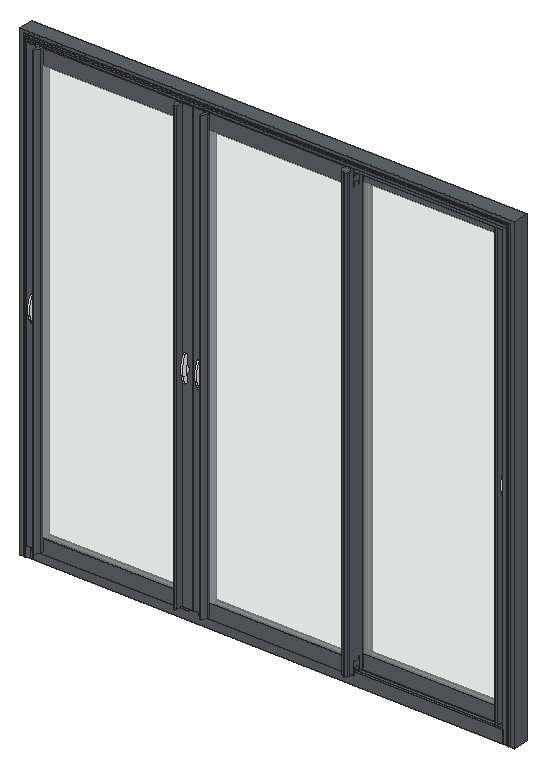
Revit family "Wicslide_65_Glass24_3_leaf_2_track_dependent", category Doors, host Wall, Revit 2014 (continued)
Definition of nested family "Leaf_Wicslide_65_2_leaf_2_track_both_sliding_or_1_fixed_1slide"
  Definition of nested family "wicona_handle_2d"
    Lines and regions (mm)
      model lines, style "PIECES", in view "Ref. Level", detail levels fine
        curve 6: line (12.052, -0.6, 0) -> (13, -0.6, 0)
        curve 7: line (8.949, -12.262, 0) -> (8.949, -8.492, 0)
        curve 8: line (-4.591, -26.312, 0) -> (4.591, -26.312, 0)
        curve 9: line (-5.814, -25, 0) -> (-6.068, -10.451, 0)
        curve 10: line (-6.068, -10.451, 0) -> (-6.221, -10.26, 0)
        curve 11: line (5.815, -24.927, 0) -> (6.068, -10.451, 0)
        curve 12: line (6.068, -10.451, 0) -> (6.221, -10.26, 0)
        curve 13: line (11.211, -7.242, 0) -> (10.341, -7.762, 0)
        curve 14: line (10.341, -7.762, 0) -> (9.463, -8.24, 0)
        curve 15: line (9.463, -8.24, 0) -> (8.565, -8.68, 0)
        curve 16: line (8.565, -8.68, 0) -> (7.649, -9.083, 0)
        curve 17: line (7.505, -9.142, 0) -> (7.006, -9.364, 0)
        curve 18: line (-13.393, -7.367, 0) -> (-13.886, -6.543, 0)
        curve 19: line (-13.886, -6.543, 0) -> (-14, 0, 0)
        curve 20: line (-14, 0, 0) -> (11.805, 0, 0)
        curve 21: line (11.805, 0, 0) -> (11.786, -1, 0)
        curve 22: line (11.786, -1, 0) -> (11.766, -2, 0)
        curve 23: line (11.766, -2, 0) -> (11.747, -2.999, 0)
        curve 24: line (11.747, -2.999, 0) -> (11.727, -3.999, 0)
        curve 25: line (11.727, -3.999, 0) -> (11.708, -4.999, 0)
        curve 26: line (11.708, -4.999, 0) -> (11.688, -5.999, 0)
        curve 27: line (11.688, -5.999, 0) -> (11.68, -6.413, 0)
        curve 28: line (12.793, -0.754, 0) -> (13.413, -1.137, 0)
        curve 29: line (13.413, -1.137, 0) -> (14.151, -1.812, 0)
        curve 30: line (14.151, -1.812, 0) -> (14.853, -2.523, 0)
        curve 31: line (14.853, -2.523, 0) -> (15.519, -3.269, 0)
        curve 32: line (15.519, -3.269, 0) -> (16.149, -4.046, 0)
        curve 33: line (16.149, -4.046, 0) -> (16.743, -4.851, 0)
        curve 34: line (16.743, -4.851, 0) -> (17.301, -5.68, 0)
        curve 35: line (17.301, -5.68, 0) -> (17.61, -6.174, 0)
        curve 36: line (12.052, -0.6, 0) -> (12.765, -0.743, 0)
        curve 37: line (17.643, -6.231, 0) -> (18.091, -7.125, 0)
        curve 38: line (18.091, -7.125, 0) -> (18.508, -8.034, 0)
        curve 39: line (18.508, -8.034, 0) -> (18.897, -8.955, 0)
        curve 40: line (18.897, -8.955, 0) -> (19.257, -9.888, 0)
        curve 41: line (19.257, -9.888, 0) -> (19.59, -10.831, 0)
        curve 42: line (19.59, -10.831, 0) -> (19.895, -11.783, 0)
        curve 43: line (19.895, -11.783, 0) -> (20.172, -12.744, 0)
        curve 44: line (20.172, -12.744, 0) -> (20.422, -13.712, 0)
        curve 45: line (20.422, -13.712, 0) -> (20.645, -14.687, 0)
        curve 46: line (20.645, -14.687, 0) -> (20.841, -15.667, 0)
        curve 47: line (20.841, -15.667, 0) -> (21.011, -16.653, 0)
        curve 48: line (21.011, -16.653, 0) -> (21.043, -16.863, 0)
        curve 49: line (21.043, -16.863, 0) -> (20.974, -17.852, 0)
        curve 50: line (20.974, -17.852, 0) -> (20.702, -18.43, 0)
        curve 51: line (20.702, -18.43, 0) -> (20.014, -19.149, 0)
        curve 52: line (20.014, -19.149, 0) -> (19.107, -19.554, 0)
        curve 53: line (19.107, -19.554, 0) -> (18.664, -19.6, 0)
        curve 54: line (18.664, -19.6, 0) -> (16.934, -19.6, 0)
        curve 55: line (16.934, -19.6, 0) -> (15.934, -19.6, 0)
        curve 56: line (15.934, -19.6, 0) -> (14.934, -19.6, 0)
        curve 57: line (14.934, -19.6, 0) -> (13.934, -19.6, 0)
        curve 58: line (13.934, -19.6, 0) -> (13.413, -19.6, 0)
        curve 59: line (13.413, -19.6, 0) -> (12.446, -19.377, 0)
        curve 60: line (12.446, -19.377, 0) -> (11.651, -18.781, 0)
        curve 61: line (11.651, -18.781, 0) -> (11.243, -18.216, 0)
        curve 62: line (11.243, -18.216, 0) -> (10.768, -17.336, 0)
        curve 63: line (10.768, -17.336, 0) -> (10.324, -16.441, 0)
        curve 64: line (10.324, -16.441, 0) -> (9.909, -15.531, 0)
        curve 65: line (9.909, -15.531, 0) -> (9.525, -14.608, 0)
        curve 66: line (9.525, -14.608, 0) -> (9.171, -13.672, 0)
        curve 67: line (9.162, -13.647, 0) -> (8.966, -12.67, 0)
        curve 68: line (8.963, -12.62, 0) -> (8.951, -12.312, 0)
        curve 69: arc (-5.814, -25, 0) -> (-5.429, -25.928, 0) -> (-4.501, -26.312, 0) r 1.312
        curve 70: arc (4.591, -26.312, 0) -> (5.454, -25.955, 0) -> (5.812, -25.091, 0) r 1.221
Definition of nested family "Leaf_Wicslide_65_Wicslide_65_3_leaf_2_track_independent_2_handle"
  Parameters (values of type "Leaf_Wicslide_65_Wicslide_65_3_leaf_2_track_independent_2_handle")
    Sash meeting 3041242 = no
    Sash meeting 3041240 = no
    Sash meeting 3041241 = yes
    Sash 1041263 = no
    Sash 1041260 = no
    Sash 1041261 = no
    Sash 1041262 = yes
    Handle Distance = if(Sash 1041260, 18 mm, if(Sash 1041261, 41 mm, if(Sash 1041262, 38 mm, 18 mm)))  # 38 mm
    Leaf Width = 896 mm
    Leaf Material = Aluminium
    Leaf Height = 1922 mm
    Handle Material = Aluminium
    Handle Height = 850 mm  # constant formula
    Glass Width = 24 mm
    Glass Offset = 46.1 mm  # constant formula
    Glass Material = WICONA -  Glass
    Glas Offset Bottom = 46.6 mm
    Frame Material = Aluminium
    Frame Bottom = 4 mm
  Reference planes
    plane 1 "Center (Front/Back)": y = 0
    plane 2: z = 0
    plane 3 "Center (Left/Right)": x = 0
    plane 4: x = 896
    plane 5: z = 1922
    plane 6: x = 46.1
    plane 7: x = 849.9
    plane 8: z = 1875.4
    plane 9: z = 46.6
    plane 10: z = 896.6
    plane 11: x = 58.1
    plane 12: y = -12.117
    plane 13: y = 11.883
    plane 14: y = 7.334
    plane 15: y = 31.334
    plane 16: x = -3.312
    plane 17: x = 883.986
    plane 18: z = 46.6
    plane 19: y = -38
    plane 20: x = 20
    plane 21: z = 960.237
    plane 22: z = 1923.516
    plane 23: x = -1.516
    plane 24: y = -21.816
    plane 25: x = 876
    plane 26: z = 4
  Forms (mm)
    Sweep 1, solid, material "Aluminium" <- "Leaf Material", visible <- "Sash 1041260"
      path origin (-1.381, 0, 34.551) x (1, 0, 0) y (0, 0, 1)
        loop
          line (0, -30.551) -> (0, 1897.949)
      profile origin (-1.381, 0, 968.25) x (-1, 0, 0) y (0, -1, 0)
        loop
          line (-59.481, -18) -> (8.519, -18) -> (8.519, -12.517) -> (-13.431, -12.517) -> (-13.431, 12.671) -> (8.519, 12.671) -> (8.519, 18) -> (-59.395, 18) -> (-59.395, 12.117) -> (-47.481, 12.117) -> (-47.481, -11.883) -> (-59.481, -11.883) -> (-59.481, -18)
    Extrusion 2, solid, material "WICONA -  Glass" <- "Glass Material", detail levels medium+fine
      sketch origin (-214.248, -550.766, -473.088) x (1, 0, 0) y (0, 0, 1)
        loop
          line (260.348, 2348.488) -> (260.348, 519.688) -> (1064.148, 519.688) -> (1064.148, 2348.488) -> (260.348, 2348.488)
      from -562.649 to -538.649
    Sweep 3, solid, material "Aluminium" <- "Leaf Material"
      path origin (0, 0, 0) x (1, 0, 0) y (0, 0, 1)
        loop
          line (12.05, 0) -> (883.986, 0)
      profile origin (448.018, 0, 0) x (0, 0, 1) y (0, -1, 0)
        loop
          line (-5.306, -16.029) -> (58.694, -16.029) -> (58.694, -11.883) -> (46.634, -11.883) -> (46.634, 12.117) -> (58.694, 12.117) -> (58.694, 16.171) -> (-5.306, 16.171) -> (-5.306, 12.671) -> (25, 12.671) -> (25, -12.517) -> (-5.306, -12.517) -> (-5.306, -16.029)
    Sweep 4, solid, material "Aluminium" <- "Leaf Material", visible <- "Sash 1041263"
      path origin (0, 0, 0) x (1, 0, 0) y (0, 0, 1)
        loop
          line (0, 4) -> (0, 1932.5)
      profile origin (0, 0, 968.25) x (-1, 0, 0) y (0, -1, 0)
        loop
          line (9.9, -18) -> (9.9, -12.517) -> (-12.05, -12.517) -> (-12.05, 12.671) -> (9.9, 12.671) -> (9.9, 18) -> (-41.1, 18) -> (-41.1, 43) -> (-42.787, 50.915) -> (-43.872, 52) -> (-47.182, 52)
          arc (-47.182, 52) -> (-54.565, 40.341) -> (-58.1, 27) r 45.352
          line (-58.1, 27) -> (-58.1, -18) -> (9.9, -18)
    Sweep 5, solid, material "Aluminium" <- "Leaf Material", visible <- "Sash 1041262"
      path origin (0, 0, 0) x (1, 0, 0) y (0, 0, 1)
        loop
          line (0, 4) -> (0, 1932.5)
      profile origin (0, 0, 968.25) x (-1, 0, 0) y (0, -1, 0)
        loop
          line (-58.1, -18) -> (9.9, -18) -> (9.9, -12.517) -> (-12.05, -12.517) -> (-12.05, 12.671) -> (9.9, 12.671) -> (9.9, 18) -> (-6.1, 18) -> (-6.1, 38) -> (-58.1, 38) -> (-58.1, 12.117) -> (-46.1, 12.117) -> (-46.1, -11.883) -> (-58.1, -11.883) -> (-58.1, -18)
    Sweep 6, solid, material "Aluminium" <- "Leaf Material", visible <- "Sash 1041261"
      path origin (0, 0, 0) x (1, 0, 0) y (0, 0, 1)
        loop
          line (0, 4) -> (0, 1932.5)
      profile origin (0, 0, 968.25) x (-1, 0, 0) y (0, -1, 0)
        loop
          line (9.9, -18) -> (9.9, -12.517) -> (-12.05, -12.517) -> (-12.05, 12.671) -> (9.9, 12.671) -> (9.9, 41) -> (-58.1, 41) -> (-58.1, 12.117) -> (-46.136, 12.117) -> (-46.136, -11.883) -> (-58.1, -11.883) -> (-58.1, -18) -> (9.9, -18)
    Sweep 7, solid, material "Aluminium" <- "Leaf Material"
      path origin (0, 0, 0) x (1, 0, 0) y (0, 0, 1)
        loop
          line (12.05, 1922) -> (883.986, 1922)
      profile origin (448.018, 0, 1922) x (0, 0, 1) y (0, -1, 0)
        loop
          line (10.5, 16.029) -> (-57.541, 16.029) -> (-57.541, 12.037) -> (-41.44, 12.037) -> (-41.44, -11.963) -> (-57.541, -11.963) -> (-57.541, -16.171) -> (10.5, -16.171) -> (10.5, -12.671) -> (-19.5, -12.671) -> (-19.5, 12.529) -> (10.5, 12.529) -> (10.5, 16.029)
    Sweep 8, solid, material "Aluminium" <- "Leaf Material", visible <- "Sash 1041261"
      path origin (935.121, 0, 0) x (-1, 0, 0) y (0, 0, 1)
        loop
          line (39.121, 4) -> (39.121, 1932.5)
      profile origin (896, 0, 968.25) x (-1, 0, 0) y (0, -1, 0)
        loop
          line (-9.936, -18.091) -> (58.064, -18.091) -> (58.064, -11.974) -> (46.1, -11.974) -> (46.1, 12.026) -> (58.064, 12.026) -> (58.064, 40.909) -> (-9.936, 40.909) -> (-9.936, 12.58) -> (12.014, 12.58) -> (12.014, -12.608) -> (-9.936, -12.608) -> (-9.936, -18.091)
    Sweep 9, solid, material "Aluminium" <- "Leaf Material", visible <- "Sash 1041262"
      path origin (896, 0, 0) x (-1, 0, 0) y (0, 0, 1)
        loop
          line (0, 4) -> (0, 1932.5)
      profile origin (896, 0, 968.25) x (-1, 0, 0) y (0, -1, 0)
        loop
          line (58.1, -18.085) -> (58.1, -11.968) -> (46.1, -11.968) -> (46.1, 12.032) -> (58.1, 12.032) -> (58.1, 37.915) -> (6.1, 37.915) -> (6.1, 17.915) -> (-9.9, 17.915) -> (-9.9, 12.586) -> (12.05, 12.586) -> (12.05, -12.602) -> (-9.9, -12.602) -> (-9.9, -18.085) -> (58.1, -18.085)
    Sweep 10, solid, material "Aluminium" <- "Leaf Material", visible <- "Sash 1041263"
      path origin (896.036, 0, 0) x (-1, 0, 0) y (0, 0, 1)
        loop
          line (0.036, 4) -> (0.036, 1932.5)
      profile origin (896, 0, 968.25) x (-1, 0, 0) y (0, -1, 0)
        loop
          line (-9.9, -18.085) -> (58.1, -18.085) -> (58.1, -11.968) -> (46.195, -11.968) -> (46.195, 12.167) -> (58.1, 12.167) -> (58.1, 26.915)
          arc (58.1, 26.915) -> (54.565, 40.255) -> (47.182, 51.915) r 45.352
          line (47.182, 51.915) -> (43.872, 51.915) -> (42.787, 50.83) -> (41.1, 42.915) -> (41.1, 17.915) -> (-9.9, 17.915) -> (-9.9, 12.586) -> (12.05, 12.586) -> (12.05, -12.602) -> (-9.9, -12.602) -> (-9.9, -18.085)
    Sweep 11, solid, material "Aluminium" <- "Leaf Material", visible <- "Sash 1041260"
      path origin (897.382, 0.085, 34.551) x (-1, 0, 0) y (0, 0, -1)
        loop
          line (1.382, 30.551) -> (1.382, -1897.949)
      profile origin (896, 0.085, 968.25) x (-1, 0, 0) y (0, -1, 0)
        loop
          line (58.064, -18) -> (58.064, -11.883) -> (46.064, -11.883) -> (46.064, 12.117) -> (57.978, 12.117) -> (57.978, 18) -> (-9.936, 18) -> (-9.936, 12.671) -> (12.014, 12.671) -> (12.014, -12.517) -> (-9.936, -12.517) -> (-9.936, -18) -> (58.064, -18)
  Lines and regions (mm)
    symbolic lines, style "GenericModel", detail levels medium+fine
      curve 1: line (62.7, 0, 0) -> (834.9, 0, 0)
      curve 2: line (0, 11.883, 1875.4) -> (0, 11.883, 46.6)
      curve 3: line (0, -12.117, 1875.4) -> (0, -12.117, 46.6)
      curve 4: line (0, 0, 1875.4) -> (0, 0, 46.6)
      curve 5: line (46.1, 0, 0) -> (849.9, 0, 0)
  Dimensions and locks
    "Leaf Width": plane 3 "Center (Left/Right)" to plane 4
    "Leaf Height": plane 5 to level
    "Glass Offset": plane 3 "Center (Left/Right)" to plane 6
    "Glass Offset": plane 7 to plane 4
    "Glas Offset Bottom": plane 5 to plane 8
    level to plane 10 = 896.6 mm
    "Glass Width": plane 15 to plane 14
    "Handle Height": plane 10 to plane 9
    "Glas Offset Bottom": plane 9 to level
    locked: plane 3 "Center (Left/Right)" to plane 16 at 3.312
    locked: plane 3 "Center (Left/Right)" to plane 20 at 20
    "Handle Distance": plane 19 to plane 1 "Center (Front/Back)"
    plane 21 to level = 960.237 mm
    plane 24 to plane 1 "Center (Front/Back)" = 21.816 mm
    locked: plane 25 to plane 4 at 20
    locked: plane 4 to plane 17 at 12.014
    "Frame Bottom": plane 26 to level
    aligned and locked: level to plane 2
    aligned and locked: plane 6 to nested 1
    aligned and locked: plane 7 to nested 1
    aligned and locked: plane 12 to nested 1
    aligned and locked: nested 2 to plane 8
    aligned and locked: nested 2 to plane 9
    aligned and locked: plane 12 to nested 2
    aligned and locked: plane 6 to curve 5
    aligned and locked: plane 7 to curve 5
    aligned and locked: plane 9 to plane 18
    aligned and locked: nested 3 to plane 3 "Center (Left/Right)"
    aligned and locked: nested 3 to plane 1 "Center (Front/Back)"
    aligned and locked: nested 4 to level
    aligned and locked: nested 4 to plane 1 "Center (Front/Back)"
    aligned and locked: nested 5 to plane 1 "Center (Front/Back)"
    aligned and locked: nested 5 to plane 3 "Center (Left/Right)"
    aligned and locked: nested 6 to plane 1 "Center (Front/Back)"
    aligned and locked: nested 6 to plane 3 "Center (Left/Right)"
    aligned and locked: nested 7 to plane 1 "Center (Front/Back)"
    aligned and locked: nested 7 to plane 3 "Center (Left/Right)"
    aligned and locked: Extrusion 2 to plane 6
    aligned and locked: plane 7 to Extrusion 2
    aligned and locked: plane 8 to Extrusion 2
    aligned and locked: Extrusion 2 to plane 9
    aligned and locked: Extrusion 2 to plane 13
    aligned and locked: plane 12 to Extrusion 2
    aligned and locked: nested 8 to plane 1 "Center (Front/Back)"
    aligned and locked: nested 7 to nested 8
    aligned and locked: plane 19 to nested 9
    aligned and locked: nested 9 to plane 20
    aligned and locked: plane 21 to nested 9
    aligned and locked: plane 5 to nested 10
    aligned and locked: plane 1 "Center (Front/Back)" to nested 10
    aligned and locked: Sweep 7 to Sweep 6 sketch curve
    aligned and locked: Sweep 7 to Sweep 5 sketch curve
    aligned and locked: Sweep 7 to Sweep 4 sketch curve
    aligned and locked: Sweep 7 to Sweep 1 sketch curve
    aligned and locked: Sweep 6 to Sweep 3 sketch curve
    aligned and locked: nested 11 to plane 19
    aligned and locked: nested 11 to plane 20
    aligned and locked: plane 4 to Sweep 8 sketch curve
    aligned and locked: plane 1 "Center (Front/Back)" to nested 17
    aligned and locked: nested 17 to plane 4
    aligned and locked: nested 15 to plane 4
    aligned and locked: plane 1 "Center (Front/Back)" to nested 15
    aligned and locked: nested 14 to plane 4
    aligned and locked: plane 1 "Center (Front/Back)" to nested 14
    aligned and locked: nested 16 to plane 4
    aligned and locked: plane 1 "Center (Front/Back)" to nested 16
    aligned and locked: nested 13 to plane 19
    aligned and locked: plane 19 to nested 12
    aligned and locked: plane 25 to nested 13
    aligned and locked: plane 25 to nested 12
    aligned and locked: plane 17 to Sweep 7 sketch curve
    aligned and locked: plane 17 to Sweep 3 sketch curve
    aligned and locked: plane 17 to Sweep 11
    aligned and locked: plane 4 to Sweep 10 sketch curve
    aligned and locked: plane 4 to Sweep 9 sketch curve
    aligned and locked: Sweep 8 sketch curve to Sweep 7
    aligned and locked: Sweep 10 to Sweep 9 sketch curve
    aligned and locked: Sweep 10 sketch curve to Sweep 7
    aligned and locked: Sweep 11 sketch curve to Sweep 7
    aligned and locked: plane 26 to Sweep 8 sketch curve
    aligned and locked: plane 26 to Sweep 11 sketch curve
    aligned and locked: plane 26 to Sweep 10 sketch curve
    aligned and locked: plane 26 to Sweep 9 sketch curve
    aligned and locked: plane 26 to Sweep 6 sketch curve
    aligned and locked: plane 26 to Sweep 5 sketch curve
    aligned and locked: plane 26 to Sweep 4 sketch curve
    aligned and locked: plane 26 to Sweep 1 sketch curve
  Automatic sketch dimensions
    curve 3 to plane 8 = 0 mm
    curve 3 to plane 12 = 0 mm
    curve 4 to plane 1 "Center (Front/Back)" = 0 mm
    curve 2 to plane 9 = 0 mm
    curve 2 to plane 13 = 0 mm
    curve 3 to plane 9 = 0 mm
    curve 4 to plane 9 = 0 mm
    curve 4 to plane 8 = 0 mm
    curve 2 to plane 8 = 0 mm
    plane 1 "Center (Front/Back)" to curve 1 = 0 mm
    plane 1 "Center (Front/Back)" to curve 5 = 0 mm
    curve 1 to plane 11 = 4.6 mm
    curve 1 to plane 7 = 15 mm
    plane 23 to Sweep 1 sketch curve = 0.135 mm
    Sweep 1 sketch curve to profile plane = 18 mm
    profile plane to Sweep 1 sketch curve = 59.481 mm
    Sweep 1 sketch curve to Sweep 1 sketch curve = 0.086 mm
    Sweep 1 sketch curve to Sweep 1 sketch curve = 11.914 mm
    profile plane to Sweep 1 sketch curve = 13.431 mm
    Sweep 1 sketch curve to profile plane = 8.519 mm  (x2)
    Sweep 1 sketch curve to Sweep 1 sketch curve = 5.483 mm
    Sweep 1 sketch curve to profile plane = 11.883 mm
    profile plane to Sweep 1 sketch curve = 12.117 mm
    profile plane to Sweep 1 sketch curve = 12.671 mm
    Sweep 1 sketch curve to Sweep 1 sketch curve = 5.329 mm
    Extrusion 2 sketch curve to plane 6 = 0 mm
    Extrusion 2 sketch curve to plane 7 = 0 mm
    Extrusion 2 sketch curve to plane 9 = 0 mm
    Extrusion 2 sketch curve to plane 8 = 0 mm
    Sweep 3 sketch curve to level = 0 mm
    profile plane to Sweep 3 sketch curve = 5.306 mm  (x2)
    Sweep 3 sketch curve to plane 18 = 21.6 mm
    plane 18 to Sweep 3 sketch curve = 0.034 mm
    plane 18 to Sweep 3 sketch curve = 12.094 mm
    Sweep 3 sketch curve to Sweep 3 sketch curve = 12.06 mm
    Sweep 3 sketch curve to plane 1 "Center (Front/Back)" = 16.029 mm
    Sweep 3 sketch curve to Sweep 3 sketch curve = 3.512 mm
    Sweep 3 sketch curve to plane 1 "Center (Front/Back)" = 11.883 mm
    plane 1 "Center (Front/Back)" to Sweep 3 sketch curve = 12.117 mm
    plane 1 "Center (Front/Back)" to Sweep 3 sketch curve = 12.671 mm
    Sweep 3 sketch curve to Sweep 3 sketch curve = 4.054 mm
    Sweep 4 sketch curve to plane 3 "Center (Left/Right)" = 0 mm
    Sweep 4 sketch curve to plane 1 "Center (Front/Back)" = 18 mm
    profile plane to Sweep 4 sketch curve = 58.1 mm
    Sweep 4 sketch curve to Sweep 4 sketch curve = 10.918 mm
    Sweep 4 sketch curve to Sweep 4 sketch curve = 3.31 mm
    Sweep 4 sketch curve to Sweep 4 sketch curve = 1.085 mm  (x2)
    Sweep 4 sketch curve to Sweep 4 sketch curve = 1.687 mm
    profile plane to Sweep 4 sketch curve = 13.004 mm
    Sweep 4 sketch curve to Sweep 4 sketch curve = 0.954 mm
    Sweep 4 sketch curve to profile plane = 9.9 mm  (x2)
    Sweep 4 sketch curve to plane 1 "Center (Front/Back)" = 12.517 mm
    plane 1 "Center (Front/Back)" to Sweep 4 sketch curve = 12.671 mm
    Sweep 4 sketch curve to Sweep 4 sketch curve = 5.329 mm
    Sweep 4 sketch curve to Sweep 4 sketch curve = 9.518 mm
    Sweep 4 sketch curve to Sweep 4 sketch curve = 9 mm  (x2)
    Sweep 5 sketch curve to plane 3 "Center (Left/Right)" = 0 mm
    Sweep 5 sketch curve to plane 1 "Center (Front/Back)" = 18 mm
    profile plane to Sweep 5 sketch curve = 58.1 mm
    Sweep 5 sketch curve to Sweep 5 sketch curve = 0 mm
    Sweep 5 sketch curve to Sweep 5 sketch curve = 12 mm
    profile plane to Sweep 5 sketch curve = 12.05 mm
    profile plane to Sweep 5 sketch curve = 6.1 mm
    Sweep 5 sketch curve to profile plane = 9.9 mm  (x2)
    Sweep 5 sketch curve to Sweep 5 sketch curve = 5.483 mm
    Sweep 5 sketch curve to Sweep 5 sketch curve = 6.117 mm
    plane 1 "Center (Front/Back)" to Sweep 5 sketch curve = 12.117 mm
    plane 1 "Center (Front/Back)" to Sweep 5 sketch curve = 12.671 mm
    Sweep 5 sketch curve to Sweep 5 sketch curve = 5.329 mm
    Sweep 5 sketch curve to Sweep 5 sketch curve = 20 mm
    Sweep 6 sketch curve to plane 3 "Center (Left/Right)" = 0 mm
    profile plane to Sweep 6 sketch curve = 58.1 mm
    Sweep 6 sketch curve to Sweep 6 sketch curve = 0 mm
    Sweep 6 sketch curve to Sweep 6 sketch curve = 11.964 mm
    profile plane to Sweep 6 sketch curve = 12.05 mm
    Sweep 6 sketch curve to profile plane = 9.9 mm  (x2)
    Sweep 6 sketch curve to plane 1 "Center (Front/Back)" = 18 mm
    Sweep 6 sketch curve to Sweep 6 sketch curve = 5.483 mm
    Sweep 6 sketch curve to plane 1 "Center (Front/Back)" = 11.883 mm
    plane 1 "Center (Front/Back)" to Sweep 6 sketch curve = 12.117 mm
    plane 1 "Center (Front/Back)" to Sweep 6 sketch curve = 12.671 mm
    Sweep 6 sketch curve to Sweep 6 sketch curve = 28.329 mm
    Sweep 7 sketch curve to plane 5 = 0 mm
    plane 20 to Sweep 7 sketch curve = 7.95 mm
    Sweep 7 sketch curve to plane 1 "Center (Front/Back)" = 16.171 mm
    profile plane to Sweep 7 sketch curve = 57.541 mm
    Sweep 7 sketch curve to Sweep 7 sketch curve = 0 mm
    Sweep 7 sketch curve to Sweep 7 sketch curve = 16.102 mm
    profile plane to Sweep 7 sketch curve = 19.5 mm
    Sweep 7 sketch curve to profile plane = 10.5 mm  (x2)
    Sweep 7 sketch curve to plane 1 "Center (Front/Back)" = 12.671 mm
    Sweep 7 sketch curve to Sweep 7 sketch curve = 4.208 mm
    plane 1 "Center (Front/Back)" to Sweep 7 sketch curve = 12.037 mm
    plane 1 "Center (Front/Back)" to Sweep 7 sketch curve = 12.529 mm
    Sweep 7 sketch curve to Sweep 7 sketch curve = 3.5 mm
    profile plane to Sweep 9 sketch curve = 9.9 mm  (x2)
    Sweep 9 sketch curve to profile plane = 6.1 mm
    Sweep 9 sketch curve to profile plane = 12.05 mm
    Sweep 9 sketch curve to Sweep 9 sketch curve = 34.05 mm
    Sweep 9 sketch curve to Sweep 9 sketch curve = 12 mm  (x2)
    Sweep 9 sketch curve to plane 1 "Center (Front/Back)" = 18.085 mm
    Sweep 9 sketch curve to Sweep 9 sketch curve = 5.483 mm
    Sweep 9 sketch curve to Sweep 9 sketch curve = 6.117 mm
    Sweep 9 sketch curve to Sweep 9 sketch curve = 24 mm
    Sweep 9 sketch curve to Sweep 9 sketch curve = 25.188 mm
    Sweep 9 sketch curve to Sweep 9 sketch curve = 5.329 mm
    Sweep 9 sketch curve to Sweep 9 sketch curve = 20 mm
    plane 16 to Sweep 11 sketch curve = 899.312 mm
    profile plane to Sweep 11 sketch curve = 9.936 mm  (x2)
    Sweep 11 sketch curve to profile plane = 12.014 mm
    Sweep 11 sketch curve to profile plane = 11.883 mm
    Sweep 11 sketch curve to Sweep 11 sketch curve = 34.05 mm
    Sweep 11 sketch curve to Sweep 11 sketch curve = 11.914 mm
    Sweep 11 sketch curve to Sweep 11 sketch curve = 12 mm
    Sweep 11 sketch curve to profile plane = 12.517 mm
    Sweep 11 sketch curve to Sweep 11 sketch curve = 6.117 mm
    profile plane to Sweep 11 sketch curve = 12.117 mm
    profile plane to Sweep 11 sketch curve = 12.671 mm
    Sweep 11 sketch curve to Sweep 11 sketch curve = 5.329 mm
    profile plane to Sweep 8 sketch curve = 9.936 mm  (x2)
    Sweep 8 sketch curve to profile plane = 12.014 mm
    plane 1 "Center (Front/Back)" to Sweep 8 sketch curve = 12.026 mm
    Sweep 8 sketch curve to Sweep 8 sketch curve = 34.086 mm
    Sweep 8 sketch curve to Sweep 8 sketch curve = 11.964 mm  (x2)
    Sweep 8 sketch curve to plane 1 "Center (Front/Back)" = 11.974 mm
    Sweep 8 sketch curve to plane 1 "Center (Front/Back)" = 12.608 mm
    Sweep 8 sketch curve to Sweep 8 sketch curve = 5.483 mm
    plane 1 "Center (Front/Back)" to Sweep 8 sketch curve = 12.58 mm
    Sweep 8 sketch curve to Sweep 8 sketch curve = 28.329 mm
    profile plane to Sweep 10 sketch curve = 9.9 mm  (x2)
    Sweep 10 sketch curve to profile plane = 12.05 mm
    Sweep 10 sketch curve to Sweep 10 sketch curve = 0.954 mm
    Sweep 10 sketch curve to Sweep 10 sketch curve = 28.096 mm
    Sweep 10 sketch curve to Sweep 10 sketch curve = 1.687 mm
    Sweep 10 sketch curve to Sweep 10 sketch curve = 1.085 mm  (x2)
    Sweep 10 sketch curve to plane 1 "Center (Front/Back)" = 11.968 mm
    Sweep 10 sketch curve to Sweep 10 sketch curve = 5.095 mm
    Sweep 10 sketch curve to Sweep 10 sketch curve = 3.31 mm
    Sweep 10 sketch curve to Sweep 10 sketch curve = 11.905 mm  (x2)
    Sweep 10 sketch curve to plane 1 "Center (Front/Back)" = 12.602 mm
    Sweep 10 sketch curve to Sweep 10 sketch curve = 5.483 mm
    plane 1 "Center (Front/Back)" to Sweep 10 sketch curve = 12.586 mm
    plane 1 "Center (Front/Back)" to Sweep 10 sketch curve = 17.915 mm
    Sweep 10 sketch curve to Sweep 10 sketch curve = 9.518 mm
    Sweep 10 sketch curve to Sweep 10 sketch curve = 9 mm  (x2)
    plane 1 "Center (Front/Back)" to Sweep 10 sketch curve = 12.167 mm
  Nested families
    nested 1: "window_2_pieces_glass_line" at (46.1, -12.117, 0), type "T24"
      with built-in parameter 1001306 2.6371 (stored number, unit not read)
    nested 2: "window_2_pieces_glass_line" at (0, -12.117, 1875.4) x (0, 0, -1) z (1, 0, 0), type "T24"
      with built-in parameter 1001306 6 (stored number, unit not read)
    nested 3: "Sash Verticals_1041260" at (-9.9, 18, 0), visible <- "Sash 1041260", type "Sash Verticals_1041260"
    nested 4: "Sash_horizontal_1041264" at (0, 0, 0) x (0, 1, 0) z (1, 0, 0), type "Sash_horizontal_1041264"
    nested 5: "Sash Verticals_1041261" at (-9.9, 18, 0), visible <- "Sash 1041261", type "Sash Verticals_1041261"
    nested 6: "Sash Verticals_1041262" at (-9.9, 18, 0), visible <- "Sash 1041262", type "Sash Verticals_1041262"
    nested 7: "Sash Verticals_1041263" at (-9.9, 18, 0), visible <- "Sash 1041263", type "Sash Verticals_1041263"
    nested 8: "Sash_lock" at (-9.884, 18, 0), type "Sash_lock"
    nested 9: "wicona_handle_2" at (20, -38, 956.633) x (-1, 0, 0) z (0, 0, 1), type "wicona_handle_2", detail levels medium+fine
    nested 10: "Sash_horizontal_1041264" at (0, 0, 1927.194) x (0, -1, 0) z (1, 0, 0), type "Sash_horizontal_1041264"
    nested 11: "wicona_handle_2d" at (20, -38, 0), type "wicona_handle_2d"
    nested 12: "wicona_handle_2" at (876, -38, 956.633), type "wicona_handle_2", detail levels medium+fine
    nested 13: "wicona_handle_2d" at (876, -38, 0) x (-1, 0, 0) z (0, 0, 1), type "wicona_handle_2d"
    nested 14: "Sash Verticals_1041263" at (905.9, 18, 0) x (-1, 0, 0) z (0, 0, 1), visible <- "Sash 1041263", type "Sash Verticals_1041263"
    nested 15: "Sash Verticals_1041262" at (905.9, 18, 0) x (-1, 0, 0) z (0, 0, 1), visible <- "Sash 1041262", type "Sash Verticals_1041262"
    nested 16: "Sash Verticals_1041261" at (905.9, 18, 0) x (-1, 0, 0) z (0, 0, 1), visible <- "Sash 1041261", type "Sash Verticals_1041261"
    nested 17: "Sash Verticals_1041260" at (905.9, 18, 0) x (-1, 0, 0) z (0, 0, 1), visible <- "Sash 1041260", type "Sash Verticals_1041260"
  Definition of nested family "wicona_handle_2"
    Parameters (values of type "wicona_handle_2")
      Leaf Thickness = 119.445 mm
      Handle Material = Aluminium
    Reference planes
      plane 1 "Center (Front/Back)": y = 0
      plane 2: z = 0
      plane 3 "Center (Left/Right)": x = 0
      plane 4: x = -12.5
      plane 5: x = 12.5
      plane 6: y = -25
    Forms (mm)
      Extrusion 1, solid, material "Aluminium" <- "Handle Material"
        sketch origin (0, 0, 0) x (1, 0, 0) y (0, 0, 1)
          loop
            line (0, 24.936) -> (0, -24.936)
            arc (0, -24.936) -> (9.865, 0) -> (0, 24.936) r 36.45
        from 0 to 7.131
      Extrusion 2, solid, material "Aluminium" <- "Handle Material"
        sketch origin (0, 0, 0) x (0, 1, 0) y (0, 0, 1)
          loop
            line (0, 61.209) -> (-11.38, 61.209)
            arc (-11.38, 61.209) -> (-25.13, 4.31) -> (-11.38, -52.589) r 124.599
            line (-11.38, -52.589) -> (0, -52.589) -> (0, 61.209)
        from -4.798 to 4.287
      Extrusion 3, solid, material "Aluminium" <- "Handle Material"
        sketch origin (-0.471, 0, 3.281) x (0.788011, 0, 0.615661) y (-0.615661, 0, 0.788011)
          loop
            line (-12.5, 3.457) -> (-12.5, -1.543) -> (2.5, -1.543) -> (2.5, 3.457) -> (-12.5, 3.457)
        from 0 to 7.131
    Dimensions and locks
      aligned and locked: level to plane 2
  Definition of nested family "window_2_pieces_glass_line"
    Parameters (values of type "T24")
      v1 = 5 mm
      line = 10 mm
      built-in parameter 1001306 [instance] = 1200 mm
      Glass Thickness = 24 mm
    Reference planes
      plane 1 "Center (Front/Back)": y = 0
      plane 2: z = 0
      plane 3 "Left": x = 0
      plane 4 "Right": x = 1200
      plane 5: y = 24
      plane 6: y = 5
      plane 7: y = 19
      plane 8: x = 10
      plane 9: x = 1190
    Lines and regions (mm)
      reference lines, in view "Ref. Level"
        curve 1: line (0, 0, 0) -> (1200, 0, 0)
      detail lines, in view "Ref. Level", detail levels medium+fine
        curve 2: line (0, 24, 0) -> (1200, 24, 0)
        curve 3: line (0, 0, 0) -> (1200, 0, 0)
      detail lines, in view "Ref. Level", detail levels fine
        curve 4: line (0, 19, 0) -> (1200, 19, 0)
        curve 5: line (0, 5, 0) -> (1200, 5, 0)
      model lines, style "DetailComponents", in view "Ref. Level", detail levels fine
        curve 6: line (10, 19, 0) -> (10, 5, 0)
      detail lines, style "DetailComponents", in view "Ref. Level", detail levels fine
        curve 7: line (1190, 19, 0) -> (1190, 5, 0)
      model lines, style "DetailComponents", in view "Ref. Level", detail levels medium+fine
        curve 8: line (1200, 24, 0) -> (1200, 0, 0)
      detail lines, style "DetailComponents", in view "Ref. Level", detail levels medium+fine
        curve 9: line (0, 24, 0) -> (0, 0, 0)
    Dimensions and locks
      "built-in parameter 1001306": plane 3 "Left" to plane 4 "Right"
      "Glass Thickness": plane 5 to plane 1 "Center (Front/Back)"
      plane 5 to plane 1 "Center (Front/Back)" = 24 mm
      "v1": plane 5 to plane 7
      "v1": plane 6 to plane 1 "Center (Front/Back)"
      "line": plane 3 "Left" to plane 8
      "line": plane 9 to plane 4 "Right"
      aligned and locked: plane 1 "Center (Front/Back)" to curve 1
      aligned and locked: plane 3 "Left" to curve 1
      aligned and locked: plane 4 "Right" to curve 1
      aligned and locked: plane 5 to curve 2
      aligned and locked: plane 7 to curve 4
      aligned and locked: plane 6 to curve 5
      aligned and locked: curve 5 to curve 6
      aligned and locked: curve 6 to plane 8
      aligned and locked: curve 5 to curve 7
      aligned and locked: curve 7 to plane 9
      aligned and locked: plane 1 "Center (Front/Back)" to curve 9
      aligned and locked: curve 9 to plane 3 "Left"
      aligned and locked: curve 2 to curve 8
      aligned and locked: curve 3 to curve 8
      aligned and locked: curve 8 to plane 4 "Right"
      aligned and locked: curve 4 to curve 7
      aligned and locked: curve 4 to curve 6
    Automatic sketch dimensions
      curve 5 to plane 4 "Right" = 0 mm
      curve 4 to plane 4 "Right" = 0 mm
      curve 3 to plane 4 "Right" = 0 mm
      curve 2 to plane 4 "Right" = 0 mm
  Definition of nested family "Sash Verticals_1041260"
    Reference planes
      plane 1 "Center (Front/Back)": y = 0
      plane 2: z = 0
      plane 3 "Center (Left/Right)": x = 0
      plane 4: y = -36
      plane 5: y = -18
    Lines and regions (mm)
      Filled region 1, type "Concrete", in view "Ref. Level", detail levels medium
        outline origin (18.997, 3.58, 0) x (1, 0, 0) y (0, 1, 0)
          loop
            line (-18.997, -3.58) -> (-18.997, -39.58) -> (49.003, -39.58) -> (49.003, -33.697) -> (37.039, -33.697) -> (37.039, -9.697) -> (49.003, -9.697) -> (49.003, -3.58) -> (-18.997, -3.58)
      model lines, style "GLAS", in view "Ref. Level", detail levels fine
        curve 1: line (96.036, -6.117, 0) -> (56.036, -6.117, 0)
        curve 2: line (56.036, -6.117, 0) -> (56.036, -30.117, 0)
        curve 3: line (56.036, -30.117, 0) -> (96.036, -30.117, 0)
  Definition of nested family "Sash_horizontal_1041264"
    Reference planes
      plane 1 "Center (Front/Back)": y = 0
      plane 2: z = 0
      plane 3 "Center (Left/Right)": x = 0
    Lines and regions (mm)
      Filled region 1, type "Concrete", in view "Ref. Level", detail levels medium
        outline origin (18.997, 3.58, 0) x (1, 0, 0) y (0, 1, 0)
          loop
            line (-35.168, -8.845) -> (-2.968, -8.845) -> (-2.968, 59.155) -> (-6.959, 59.155) -> (-6.959, 43.054) -> (-30.959, 43.054) -> (-30.959, 59.155) -> (-35.168, 59.155) -> (-35.168, -8.845)
      detail lines, style "GLAS", in view "Ref. Level", detail levels fine
        curve 1: line (-11.963, 46.634, 0) -> (-11.963, 86.634, 0)
        curve 2: line (12.037, 86.634, 0) -> (12.037, 46.634, 0)
        curve 26: line (-11.963, 86.634, 0) -> (-11.963, 46.634, 0)
        curve 27: line (-11.963, 46.634, 0) -> (12.037, 46.634, 0)
        curve 28: line (12.037, 46.634, 0) -> (12.037, 86.634, 0)
      detail lines, style "CENT3", in view "Ref. Level", not visible
        curve 3: line (123.517, -4.599, 0) -> (123.517, -38.599, 0)
      detail lines, style "GLAS", in view "Ref. Level", not visible
        curve 4: line (83.517, -9.599, 0) -> (123.517, -9.599, 0)
        curve 5: line (123.517, -9.599, 0) -> (123.517, -14.599, 0)
        curve 6: line (123.517, -14.599, 0) -> (83.517, -14.599, 0)
        curve 7: line (83.517, -14.599, 0) -> (83.517, -9.599, 0)
        curve 8: line (83.517, -28.599, 0) -> (123.517, -28.599, 0)
        curve 9: line (123.517, -28.599, 0) -> (123.517, -33.599, 0)
        curve 10: line (123.517, -33.599, 0) -> (83.517, -33.599, 0)
        curve 11: line (83.517, -33.599, 0) -> (83.517, -28.599, 0)
        curve 12: line (83.517, -10.599, 0) -> (123.517, -10.599, 0)
        curve 13: line (83.517, -11.599, 0) -> (123.517, -11.599, 0)
        curve 14: line (83.517, -12.599, 0) -> (123.517, -12.599, 0)
        curve 15: line (83.517, -13.599, 0) -> (123.517, -13.599, 0)
        curve 16: line (83.517, -14.599, 0) -> (123.517, -14.599, 0)
        curve 17: line (93.517, -14.599, 0) -> (93.517, -28.599, 0)
        curve 18: line (83.517, -28.599, 0) -> (123.517, -28.599, 0)
        curve 19: line (83.517, -29.599, 0) -> (123.517, -29.599, 0)
        curve 20: line (83.517, -30.599, 0) -> (123.517, -30.599, 0)
        curve 21: line (83.517, -31.599, 0) -> (123.517, -31.599, 0)
        curve 22: line (83.517, -32.599, 0) -> (123.517, -32.599, 0)
        curve 23: line (123.517, -9.599, 0) -> (83.517, -9.599, 0)
        curve 24: line (83.517, -9.599, 0) -> (83.517, -33.599, 0)
        curve 25: line (83.517, -33.599, 0) -> (123.517, -33.599, 0)
      detail lines, style "GLAS", in view "Ref. Level", not visible, detail levels fine
        curve 29: line (56.036, -6.117, 0) -> (96.036, -6.117, 0)
        curve 30: line (96.036, -30.117, 0) -> (56.036, -30.117, 0)
        curve 31: line (96.036, -6.117, 0) -> (56.036, -6.117, 0)
        curve 32: line (56.036, -6.117, 0) -> (56.036, -30.117, 0)
        curve 33: line (56.036, -30.117, 0) -> (96.036, -30.117, 0)
  Definition of nested family "Sash Verticals_1041261"
    Reference planes
      plane 1 "Center (Front/Back)": y = 0
      plane 2: z = 0
      plane 3 "Center (Left/Right)": x = 0
      plane 4: y = -36
      plane 5: y = -18
    Lines and regions (mm)
      Filled region 1, type "Concrete", in view "Ref. Level", detail levels medium
        outline origin (18.997, 3.58, 0) x (1, 0, 0) y (0, 1, 0)
          loop
            line (-18.997, -3.58) -> (-18.997, -62.58) -> (49.003, -62.58) -> (49.003, -33.697) -> (37.039, -33.697) -> (37.039, -9.697) -> (49.003, -9.697) -> (49.003, -3.58) -> (-18.997, -3.58)
      model lines, style "GLAS", in view "Ref. Level", detail levels fine
        curve 1: line (96.036, -6.117, 0) -> (56.036, -6.117, 0)
        curve 2: line (56.036, -6.117, 0) -> (56.036, -30.117, 0)
        curve 3: line (56.036, -30.117, 0) -> (96.036, -30.117, 0)
  Definition of nested family "Sash Verticals_1041262"
    Reference planes
      plane 1 "Center (Front/Back)": y = 0
      plane 2: z = 0
      plane 3 "Center (Left/Right)": x = 0
      plane 4: y = -36
      plane 5: y = -18
    Lines and regions (mm)
      Filled region 1, type "Concrete", in view "Ref. Level", detail levels medium
        outline origin (18.997, 3.58, 0) x (1, 0, 0) y (0, 1, 0)
          loop
            line (-18.997, -3.58) -> (-18.997, -39.58) -> (-2.997, -39.58) -> (-2.997, -59.58) -> (49.003, -59.58) -> (49.003, -33.697) -> (37.039, -33.697) -> (37.039, -9.697) -> (49.003, -9.697) -> (49.003, -3.58) -> (-18.997, -3.58)
      model lines, style "GLAS", in view "Ref. Level", detail levels fine
        curve 1: line (96.036, -6.117, 0) -> (56.036, -6.117, 0)
        curve 2: line (56.036, -6.117, 0) -> (56.036, -30.117, 0)
        curve 3: line (56.036, -30.117, 0) -> (96.036, -30.117, 0)
  Definition of nested family "Sash Verticals_1041263"
    Reference planes
      plane 1 "Center (Front/Back)": y = 0
      plane 2: z = 0
      plane 3 "Center (Left/Right)": x = 0
      plane 4: y = -36
      plane 5: y = -18
    Lines and regions (mm)
      Filled region 1, type "Concrete", in view "Ref. Level", detail levels medium
        outline origin (18.997, 3.58, 0) x (1, 0, 0) y (0, 1, 0)
          loop
            line (-18.997, -3.58) -> (-18.997, -39.58) -> (32.003, -39.58) -> (32.003, -64.58) -> (33.69, -72.495) -> (34.775, -73.58) -> (38.085, -73.58)
            arc (38.085, -73.58) -> (45.468, -61.921) -> (49.003, -48.58) r 45.352
            line (49.003, -48.58) -> (49.003, -33.697) -> (37.039, -33.697) -> (37.039, -9.697) -> (49.003, -9.697) -> (49.003, -3.58) -> (-18.997, -3.58)
      model lines, style "GLAS", in view "Ref. Level", detail levels fine
        curve 1: line (96.036, -6.117, 0) -> (56.036, -6.117, 0)
        curve 2: line (56.036, -6.117, 0) -> (56.036, -30.117, 0)
        curve 3: line (56.036, -30.117, 0) -> (96.036, -30.117, 0)
  Definition of nested family "Sash_lock"
    Reference planes
      plane 1 "Center (Front/Back)": y = 0
      plane 2: z = 0
      plane 3 "Center (Left/Right)": x = 0
      plane 4: y = -36
      plane 5: y = -18
  Definition of nested family "wicona_handle_2d"
    Reference planes
      plane 1 "Center (Front/Back)": y = 0
      plane 2: z = 0
      plane 3 "Center (Left/Right)": x = 0
    Lines and regions (mm)
      Filled region 1, type "Concrete", in view "Ref. Level", detail levels medium
        outline origin (18.997, 3.58, 0) x (1, 0, 0) y (0, 1, 0)
          loop
            line (-32.997, -3.58) -> (-32.997, -9.933) -> (-24.997, -13.663) -> (-24.997, -27.833) -> (-22.937, -29.893) -> (-14.406, -29.893) -> (-13.407, -28.894) -> (-12.884, -13.903) -> (-10.056, -13.145) -> (-10.056, -16.127) -> (-7.132, -23.016) -> (0.376, -23.016) -> (1.978, -21.414) -> (0.932, -15.482) -> (-2.662, -8.313) -> (-7.394, -3.58) -> (-32.997, -3.58)
      model lines, style "PIECES", in view "Ref. Level", detail levels fine
        curve 1: arc (14, -1.6, 0) -> (13.707, -0.893, 0) -> (13, -0.6, 0) r 1
        curve 2: arc (6.221, -10.26, 0) -> (7.596, -9.888, 0) -> (8.949, -9.443, 0) r 26.5
        curve 3: arc (-13.393, -7.367, 0) -> (-9.913, -9.076, 0) -> (-6.221, -10.26, 0) r 26.5
        curve 4: arc (11.211, -7.242, 0) -> (11.535, -6.913, 0) -> (11.677, -6.473, 0) r 1
        curve 5: line (11.793, -0.6, 0) -> (12.052, -0.6, 0)
        curve 6: line (12.052, -0.6, 0) -> (13, -0.6, 0)
        curve 7: line (8.949, -12.262, 0) -> (8.949, -8.492, 0)
        curve 8: line (-4.591, -26.312, 0) -> (4.591, -26.312, 0)
        curve 9: line (-5.814, -25, 0) -> (-6.068, -10.451, 0)
        curve 10: line (-6.068, -10.451, 0) -> (-6.221, -10.26, 0)
        curve 11: line (5.815, -24.927, 0) -> (6.068, -10.451, 0)
        curve 12: line (6.068, -10.451, 0) -> (6.221, -10.26, 0)
        curve 13: line (11.211, -7.242, 0) -> (10.341, -7.762, 0)
        curve 14: line (10.341, -7.762, 0) -> (9.463, -8.24, 0)
        curve 15: line (9.463, -8.24, 0) -> (8.565, -8.68, 0)
        curve 16: line (8.565, -8.68, 0) -> (7.649, -9.083, 0)
        curve 17: line (7.505, -9.142, 0) -> (7.006, -9.364, 0)
        curve 18: line (-13.393, -7.367, 0) -> (-13.886, -6.543, 0)
        curve 19: line (-13.886, -6.543, 0) -> (-14, 0, 0)
        curve 20: line (-14, 0, 0) -> (11.805, 0, 0)
        curve 21: line (11.805, 0, 0) -> (11.786, -1, 0)
        curve 22: line (11.786, -1, 0) -> (11.766, -2, 0)
        curve 23: line (11.766, -2, 0) -> (11.747, -2.999, 0)
        curve 24: line (11.747, -2.999, 0) -> (11.727, -3.999, 0)
        curve 25: line (11.727, -3.999, 0) -> (11.708, -4.999, 0)
        curve 26: line (11.708, -4.999, 0) -> (11.688, -5.999, 0)
        curve 27: line (11.688, -5.999, 0) -> (11.68, -6.413, 0)
        curve 28: line (12.793, -0.754, 0) -> (13.413, -1.137, 0)
        curve 29: line (13.413, -1.137, 0) -> (14.151, -1.812, 0)
        curve 30: line (14.151, -1.812, 0) -> (14.853, -2.523, 0)
        curve 31: line (14.853, -2.523, 0) -> (15.519, -3.269, 0)
        curve 32: line (15.519, -3.269, 0) -> (16.149, -4.046, 0)
        curve 33: line (16.149, -4.046, 0) -> (16.743, -4.851, 0)
        curve 34: line (16.743, -4.851, 0) -> (17.301, -5.68, 0)
        curve 35: line (17.301, -5.68, 0) -> (17.61, -6.174, 0)
        curve 36: line (12.052, -0.6, 0) -> (12.765, -0.743, 0)
        curve 37: line (17.643, -6.231, 0) -> (18.091, -7.125, 0)
        curve 38: line (18.091, -7.125, 0) -> (18.508, -8.034, 0)
        curve 39: line (18.508, -8.034, 0) -> (18.897, -8.955, 0)
        curve 40: line (18.897, -8.955, 0) -> (19.257, -9.888, 0)
        curve 41: line (19.257, -9.888, 0) -> (19.59, -10.831, 0)
        curve 42: line (19.59, -10.831, 0) -> (19.895, -11.783, 0)
        curve 43: line (19.895, -11.783, 0) -> (20.172, -12.744, 0)
        curve 44: line (20.172, -12.744, 0) -> (20.422, -13.712, 0)
        curve 45: line (20.422, -13.712, 0) -> (20.645, -14.687, 0)
        curve 46: line (20.645, -14.687, 0) -> (20.841, -15.667, 0)
        curve 47: line (20.841, -15.667, 0) -> (21.011, -16.653, 0)
        curve 48: line (21.011, -16.653, 0) -> (21.043, -16.863, 0)
        curve 49: line (21.043, -16.863, 0) -> (20.974, -17.852, 0)
        curve 50: line (20.974, -17.852, 0) -> (20.702, -18.43, 0)
        curve 51: line (20.702, -18.43, 0) -> (20.014, -19.149, 0)
        curve 52: line (20.014, -19.149, 0) -> (19.107, -19.554, 0)
        curve 53: line (19.107, -19.554, 0) -> (18.664, -19.6, 0)
        curve 54: line (18.664, -19.6, 0) -> (16.934, -19.6, 0)
        curve 55: line (16.934, -19.6, 0) -> (15.934, -19.6, 0)
        curve 56: line (15.934, -19.6, 0) -> (14.934, -19.6, 0)
        curve 57: line (14.934, -19.6, 0) -> (13.934, -19.6, 0)
        curve 58: line (13.934, -19.6, 0) -> (13.413, -19.6, 0)
        curve 59: line (13.413, -19.6, 0) -> (12.446, -19.377, 0)
        curve 60: line (12.446, -19.377, 0) -> (11.651, -18.781, 0)
        curve 61: line (11.651, -18.781, 0) -> (11.243, -18.216, 0)
        curve 62: line (11.243, -18.216, 0) -> (10.768, -17.336, 0)
        curve 63: line (10.768, -17.336, 0) -> (10.324, -16.441, 0)
        curve 64: line (10.324, -16.441, 0) -> (9.909, -15.531, 0)
        curve 65: line (9.909, -15.531, 0) -> (9.525, -14.608, 0)
        curve 66: line (9.525, -14.608, 0) -> (9.171, -13.672, 0)
        curve 67: line (9.162, -13.647, 0) -> (8.966, -12.67, 0)
        curve 68: line (8.963, -12.62, 0) -> (8.951, -12.312, 0)
        curve 69: arc (-5.814, -25, 0) -> (-5.429, -25.928, 0) -> (-4.501, -26.312, 0) r 1.312
        curve 70: arc (4.591, -26.312, 0) -> (5.454, -25.955, 0) -> (5.812, -25.091, 0) r 1.221
Definition of nested family "Leaf_Wicslide_65_2_leaf_2_track_both_sliding_or_1_fixed_1slide_right"
  Parameters (values of type "Leaf_Wicslide_65_2_leaf_2_track_both_sliding_or_1_fixed_1slide_right")
    Sash meeting 3041242 = yes
    Sash meeting 3041240 = no
    Sash meeting 3041241 = no
    Sash 1041263 = no
    Sash 1041260 = no
    Sash 1041261 = yes
    Sash 1041262 = no
    Handle Distance = if(Sash 1041260, 18 mm, if(Sash 1041261, 41 mm, if(Sash 1041262, 38 mm, 18 mm)))  # 41 mm
    Leaf Width = 896 mm
    Leaf Material = Aluminium
    Leaf Height = 1922 mm
    Handle Material = Aluminium
    Handle Height = 850 mm  # constant formula
    Glass Width = 24 mm
    Glass Offset 2 = 7 mm  # constant formula
    Glass Offset = 46.1 mm  # constant formula
    Glass Material = WICONA -  Glass
    Glas Offset Bottom = 46.6 mm
    Frame Material = Aluminium
    Frame Bottom = 4 mm
  Reference planes
    plane 1 "Center (Front/Back)": y = 0
    plane 2: z = 0
    plane 3 "Center (Left/Right)": x = 0
    plane 4: x = 896
    plane 5: z = 1922
    plane 6: x = 46.1
    plane 7: x = 889
    plane 8: z = 1875.4
    plane 9: z = 46.6
    plane 10: z = 896.6
    plane 11: x = 58.1
    plane 12: y = -12.117
    plane 13: y = 11.883
    plane 14: y = 7.334
    plane 15: y = 31.334
    plane 16: x = -3.312
    plane 17: x = 899.312
    plane 18: z = 46.6
    plane 19: y = -41
    plane 20: x = 20
    plane 21: z = 960.237
    plane 22: z = 1923.516
    plane 23: x = -1.516
    plane 24: y = -22.045
    plane 25: z = -5.306
    plane 26: z = 25
    plane 27: z = 1932.5
    plane 28: z = 1902.5
    plane 29: z = 4
  Forms (mm)
    Sweep 1, solid, material "Aluminium" <- "Leaf Material", visible <- "Sash 1041260"
      path origin (-1.381, 0, 34.551) x (1, 0, 0) y (0, 0, 1)
        loop
          line (0, -30.551) -> (0, 1897.949)
      profile origin (-1.381, 0, 968.25) x (-1, 0, 0) y (0, -1, 0)
        loop
          line (-59.481, -18) -> (8.519, -18) -> (8.519, -12.6) -> (-13.431, -12.6) -> (-13.431, 12.6) -> (8.519, 12.6) -> (8.519, 18) -> (-59.395, 18) -> (-59.395, 12.117) -> (-47.481, 12.117) -> (-47.481, -11.883) -> (-59.481, -11.883) -> (-59.481, -18)
    Extrusion 2, solid, material "WICONA -  Glass" <- "Glass Material", detail levels medium+fine
      sketch origin (-214.248, -550.766, -473.088) x (1, 0, 0) y (0, 0, 1)
        loop
          line (260.348, 2348.488) -> (260.348, 519.688) -> (1103.248, 519.688) -> (1103.248, 2348.488) -> (260.348, 2348.488)
      from -562.649 to -538.649
    Sweep 3, solid, material "Aluminium" <- "Leaf Material"
      path origin (0, 0, 0) x (1, 0, 0) y (0, 0, 1)
        loop
          line (12.05, 0) -> (914.975, 0)
      profile origin (463.512, 0, 0) x (0, 0, 1) y (0, -1, 0)
        loop
          line (-5.306, -16.029) -> (58.694, -16.029) -> (58.694, -11.883) -> (46.634, -11.883) -> (46.634, 12.117) -> (58.694, 12.117) -> (58.694, 16.171) -> (-5.306, 16.171) -> (-5.306, 12.671) -> (25, 12.671) -> (25, -12.517) -> (-5.306, -12.517) -> (-5.306, -16.029)
    Sweep 4, solid, material "Aluminium" <- "Leaf Material", visible <- "Sash meeting 3041240"
      path origin (0, 0, 0) x (1, 0, 0) y (0, 0, 1)
        loop
          line (896, 1932.5) -> (896, 4)
      profile origin (896, 0, 968.25) x (0, -1, 0) y (1, 0, 0)
        loop
          line (18, -19.026) -> (18, 0) -> (27.453, 0) -> (27.453, 18.975) -> (-18, 18.975) -> (-18, -19.026) -> (-12.117, -19.026) -> (-12.117, -7.023) -> (11.883, -7.023) -> (11.883, -19.026) -> (18, -19.026)
    Sweep 5, solid, material "Aluminium" <- "Leaf Material", visible <- "Sash 1041263"
      path origin (0, 0, 0) x (1, 0, 0) y (0, 0, 1)
        loop
          line (0, 4) -> (0, 1932.5)
      profile origin (0, 0, 968.25) x (-1, 0, 0) y (0, -1, 0)
        loop
          line (9.9, -18) -> (9.9, -12.6) -> (-12.05, -12.6) -> (-12.05, 12.6) -> (9.9, 12.6) -> (9.9, 18) -> (-41.1, 18) -> (-41.1, 43) -> (-42.787, 50.915) -> (-43.872, 52) -> (-47.182, 52)
          arc (-47.182, 52) -> (-54.565, 40.341) -> (-58.1, 27) r 45.352
          line (-58.1, 27) -> (-58.1, -18) -> (9.9, -18)
    Sweep 6, solid, material "Aluminium" <- "Leaf Material", visible <- "Sash 1041262"
      path origin (0, 0, 0) x (1, 0, 0) y (0, 0, 1)
        loop
          line (0, 4) -> (0, 1932.5)
      profile origin (0, 0, 968.25) x (-1, 0, 0) y (0, -1, 0)
        loop
          line (-58.1, -18) -> (9.9, -18) -> (9.9, -12.6) -> (-12.05, -12.6) -> (-12.05, 12.6) -> (9.9, 12.6) -> (9.9, 18) -> (-6.1, 18) -> (-6.1, 38) -> (-58.1, 38) -> (-58.1, 12.117) -> (-46.1, 12.117) -> (-46.1, -11.883) -> (-58.1, -11.883) -> (-58.1, -18)
    Sweep 7, solid, material "Aluminium" <- "Leaf Material", visible <- "Sash 1041261"
      path origin (0, 0, 0) x (1, 0, 0) y (0, 0, 1)
        loop
          line (0, 4) -> (0, 1932.5)
      profile origin (0, 0, 968.25) x (-1, 0, 0) y (0, -1, 0)
        loop
          line (9.9, -18) -> (9.9, -12.6) -> (-12.05, -12.6) -> (-12.05, 12.6) -> (9.9, 12.6) -> (9.9, 41) -> (-58.1, 41) -> (-58.1, 12.117) -> (-46.136, 12.117) -> (-46.136, -11.883) -> (-58.1, -11.883) -> (-58.1, -18) -> (9.9, -18)
    Sweep 8, solid, material "Aluminium" <- "Leaf Material", visible <- "Sash meeting 3041242"
      path origin (0, 0, 0) x (1, 0, 0) y (0, 0, 1)
        loop
          line (896, 4) -> (896, 1932.5)
      profile origin (896, 0, 968.25) x (-1, 0, 0) y (0, -1, 0)
        loop
          line (0, 27.453) -> (-18.975, 27.453) -> (-18.975, -37.547) -> (-17.979, -45.657) -> (-14.994, -56.798) -> (-13.135, -57.8) -> (-7.45, -57.8)
          arc (-7.45, -57.8) -> (9.037, -45.04) -> (19.026, -26.74) r 50.906
          line (19.026, -26.74) -> (19.026, -12.117) -> (7, -12.117) -> (7, 11.883) -> (19.026, 11.883) -> (19.026, 18) -> (0, 18) -> (0, 27.453)
    Sweep 9, solid, material "Aluminium" <- "Leaf Material", visible <- "Sash meeting 3041241"
      path origin (0, 0, 0) x (1, 0, 0) y (0, 0, 1)
        loop
          line (896, 4) -> (896, 1932.5)
      profile origin (896, 0, 968.25) x (-1, 0, 0) y (0, -1, 0)
        loop
          line (0, 27.453) -> (-18.975, 27.453) -> (-18.975, -52.8) -> (19.026, -52.8) -> (19.026, -12.117) -> (7.023, -12.117) -> (7.023, 11.883) -> (19.026, 11.883) -> (19.026, 18) -> (0, 18) -> (0, 27.453)
    Sweep 10, solid, material "Aluminium" <- "Leaf Material"
      path origin (0, 0, 0) x (1, 0, 0) y (0, 0, 1)
        loop
          line (12.05, 1922) -> (914.975, 1922)
      profile origin (463.512, 0, 1922) x (0, 0, 1) y (0, -1, 0)
        loop
          line (10.5, 16.029) -> (-57.541, 16.029) -> (-57.541, 12.037) -> (-41.44, 12.037) -> (-41.44, -11.963) -> (-57.541, -11.963) -> (-57.541, -16.171) -> (10.5, -16.171) -> (10.5, -12.671) -> (-19.5, -12.671) -> (-19.5, 12.529) -> (10.5, 12.529) -> (10.5, 16.029)
    Extrusion 11, void
      sketch origin (0, 0, 0) x (1, 0, 0) y (0, 1, 0)
        loop
          line (920.814, 11.883) -> (889, 11.883) -> (889, -12.117) -> (920.814, -12.117) -> (920.814, 11.883)
      from 1902.5 to 1932.5
    Extrusion 12, void
      sketch origin (0, 0, 0) x (1, 0, 0) y (0, 1, 0)
        loop
          line (925.104, 11.883) -> (889, 11.883) -> (889, -12.117) -> (925.104, -12.117) -> (925.104, 11.883)
      from -5.306 to 25
  Cuts and joins
    Extrusion 11, Extrusion 12 cuts Extrusion 2
    Extrusion 11, Extrusion 12 cuts Sweep 3
    Extrusion 11, Extrusion 12 cuts Sweep 8
    Extrusion 12 cuts Sweep 4
    Extrusion 12 cuts Sweep 9
  Lines and regions (mm)
    symbolic lines, style "GenericModel", detail levels medium+fine
      curve 1: line (62.7, 0, 0) -> (874, 0, 0)
      curve 2: line (0, 11.883, 1875.4) -> (0, 11.883, 46.6)
      curve 3: line (0, -12.117, 1875.4) -> (0, -12.117, 46.6)
      curve 4: line (0, 0, 1875.4) -> (0, 0, 46.6)
      curve 5: line (46.1, 0, 0) -> (889, 0, 0)
  Dimensions and locks
    "Leaf Width": plane 3 "Center (Left/Right)" to plane 4
    "Leaf Height": plane 5 to level
    "Glass Offset": plane 3 "Center (Left/Right)" to plane 6
    "Glass Offset 2": plane 7 to plane 4
    "Glas Offset Bottom": plane 5 to plane 8
    level to plane 10 = 896.6 mm
    "Glass Width": plane 15 to plane 14
    "Handle Height": plane 10 to plane 9
    "Glas Offset Bottom": plane 9 to level
    locked: plane 3 "Center (Left/Right)" to plane 16 at 3.312
    locked: plane 17 to plane 4 at 3.312
    locked: plane 3 "Center (Left/Right)" to plane 20 at 20
    "Handle Distance": plane 19 to plane 1 "Center (Front/Back)"
    plane 21 to level = 960.237 mm
    plane 24 to plane 1 "Center (Front/Back)" = 22.045 mm
    plane 26 to level to plane 25 = 25 mm locked, 5.306 mm locked
    plane 27 to plane 5 to plane 28 = 10.5 mm locked, 19.5 mm locked
    "Frame Bottom": plane 29 to level
    aligned and locked: level to plane 2
    aligned and locked: plane 6 to nested 1
    aligned and locked: plane 7 to nested 1
    aligned and locked: plane 12 to nested 1
    aligned and locked: nested 2 to plane 8
    aligned and locked: nested 2 to plane 9
    aligned and locked: plane 12 to nested 2
    aligned and locked: plane 6 to curve 5
    aligned and locked: plane 7 to curve 5
    aligned and locked: plane 9 to plane 18
    aligned and locked: nested 3 to plane 3 "Center (Left/Right)"
    aligned and locked: nested 3 to plane 1 "Center (Front/Back)"
    aligned and locked: nested 4 to level
    aligned and locked: nested 4 to plane 1 "Center (Front/Back)"
    aligned and locked: nested 5 to plane 1 "Center (Front/Back)"
    aligned and locked: nested 5 to plane 3 "Center (Left/Right)"
    aligned and locked: nested 6 to plane 1 "Center (Front/Back)"
    aligned and locked: nested 6 to plane 3 "Center (Left/Right)"
    aligned and locked: nested 7 to plane 1 "Center (Front/Back)"
    aligned and locked: nested 7 to plane 3 "Center (Left/Right)"
    aligned and locked: Extrusion 2 to plane 6
    aligned and locked: plane 7 to Extrusion 2
    aligned and locked: plane 8 to Extrusion 2
    aligned and locked: Extrusion 2 to plane 9
    aligned and locked: Extrusion 2 to plane 13
    aligned and locked: plane 12 to Extrusion 2
    aligned and locked: nested 8 to plane 1 "Center (Front/Back)"
    aligned and locked: nested 7 to nested 8
    aligned and locked: plane 19 to nested 9
    aligned and locked: nested 9 to plane 20
    aligned and locked: plane 21 to nested 9
    aligned and locked: plane 5 to nested 10
    aligned and locked: plane 1 "Center (Front/Back)" to nested 10
    aligned and locked: Sweep 10 to Sweep 4 sketch curve
    aligned and locked: Sweep 10 to Sweep 9 sketch curve
    aligned and locked: Sweep 10 to Sweep 8 sketch curve
    aligned and locked: Sweep 10 to Sweep 7 sketch curve
    aligned and locked: Sweep 10 to Sweep 6 sketch curve
    aligned and locked: Sweep 10 to Sweep 5 sketch curve
    aligned and locked: Sweep 10 to Sweep 1 sketch curve
    aligned and locked: nested 11 to plane 4
    aligned and locked: nested 11 to plane 1 "Center (Front/Back)"
    aligned and locked: nested 13 to plane 4
    aligned and locked: nested 13 to plane 1 "Center (Front/Back)"
    aligned and locked: nested 12 to plane 1 "Center (Front/Back)"
    aligned and locked: nested 12 to plane 4
    aligned and locked: Sweep 7 to Sweep 3 sketch curve
    aligned and locked: nested 14 to plane 19
    aligned and locked: nested 14 to plane 20
    aligned and locked: plane 27 to cut or joined group of Sweep 8, Extrusion 11, Extrusion 12
    aligned and locked: cut or joined group of Sweep 8, Extrusion 11, Extrusion 12 to plane 7
    aligned and locked: cut or joined group of Sweep 8, Extrusion 11, Extrusion 12 to plane 28
    aligned and locked: plane 29 to Sweep 7 sketch curve
    aligned and locked: plane 29 to Sweep 5 sketch curve
    aligned and locked: plane 29 to Sweep 6 sketch curve
    aligned and locked: plane 29 to Sweep 1 sketch curve
    aligned and locked: plane 29 to Sweep 9 sketch curve
    aligned and locked: plane 29 to Sweep 8 sketch curve
    aligned and locked: plane 29 to Sweep 4 sketch curve
    aligned and locked: cut or joined group of Sweep 9, Extrusion 12 to plane 7
    aligned and locked: cut or joined group of Sweep 9, Extrusion 12 to plane 25
    aligned and locked: plane 26 to cut or joined group of Sweep 9, Extrusion 12
  Automatic sketch dimensions
    curve 3 to plane 8 = 0 mm
    curve 3 to plane 12 = 0 mm
    curve 4 to plane 1 "Center (Front/Back)" = 0 mm
    curve 2 to plane 9 = 0 mm
    curve 2 to plane 13 = 0 mm
    curve 3 to plane 9 = 0 mm
    curve 4 to plane 9 = 0 mm
    curve 4 to plane 8 = 0 mm
    curve 2 to plane 8 = 0 mm
    plane 1 "Center (Front/Back)" to curve 1 = 0 mm
    plane 1 "Center (Front/Back)" to curve 5 = 0 mm
    curve 1 to plane 11 = 4.6 mm
    curve 1 to plane 7 = 15 mm
    plane 23 to Sweep 1 sketch curve = 0.135 mm
    Sweep 1 sketch curve to profile plane = 11.883 mm
    profile plane to Sweep 1 sketch curve = 59.481 mm
    Sweep 1 sketch curve to Sweep 1 sketch curve = 0.086 mm
    Sweep 1 sketch curve to Sweep 1 sketch curve = 11.914 mm
    profile plane to Sweep 1 sketch curve = 13.431 mm
